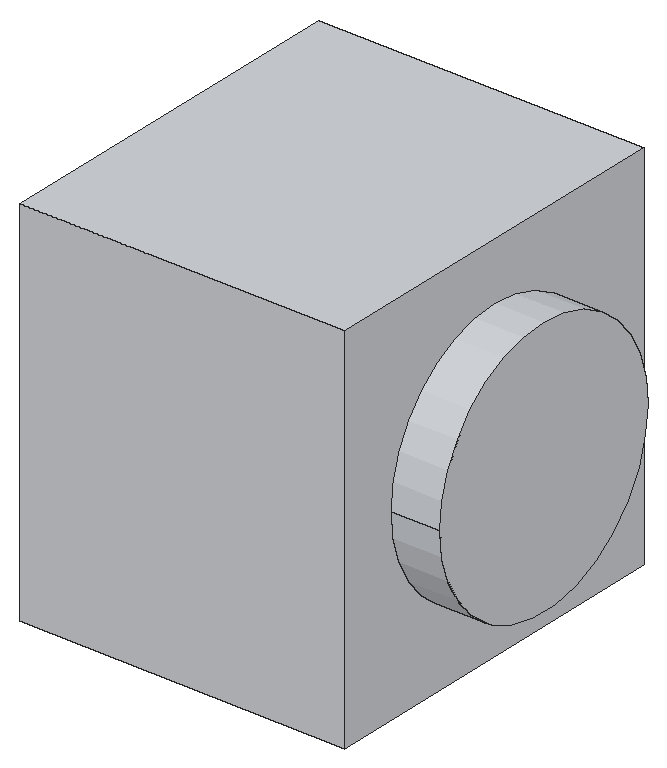
Revit family "M_Plenum de saída VAV - Transição", category Conexões de duto, Revit 2019
Family settings
  Cota do conector redondo = Usar raio
  Tipo de parte = Transição
  Número OmniClass = 23.75.70.11.14.24
  Título OmniClass = Air Mixers
  ID de item do Seek = VAV Outlet Plenum - Transition-0000-CAN-ENU
  Com base no plano de trabalho = Não
  Sempre na vertical = Sim
  Corte com vazios quando carregada = Não
  Compartilhado = Não
Parameters (values of type "Padrão")
  Queda de pressão = 2.4884 Pa
  Largura do plenum = Largura do duto + 38.1 mm  # 288.1 mm
  Material do plenum = none
  Comprimento do plenum = 250 mm
  Altura do plenum = Altura do duto + 38.1 mm  # 288.1 mm
  Fluxo = 141.584 L/s
  Largura do duto = 250 mm
  Raio do duto = 100 mm
  Altura do duto = 250 mm
  Diâmetro do duto = Raio do duto * 2  # 200 mm
Reference planes
  plane 1 "Centro (Frente/Trás)": y = 0
  plane 2: z = 0
  plane 3 "Centro (Esquerda/Direita)": x = 0
  plane 4: x = 12.7
  plane 5: x = 262.7
  plane 6: x = 300.8
  plane 7: y = 144.05
  plane 8: y = -144.05
  plane 9: z = 144.05
  plane 10: z = -144.05
Forms (mm)
  Extrusion 1, solid, material <- "Material do plenum"
    sketch origin (0, 0, 0) x (1, 0, 0) y (0, 1, 0)
      loop
        line (12.7, 144.05) -> (12.7, -144.05) -> (262.7, -144.05) -> (262.7, 144.05) -> (12.7, 144.05)
    from -144.05 to 144.05
  Extrusion 2, solid, material <- "Material do plenum"
    sketch origin (0, 0, 0) x (0, 1, 0) y (0, 0, 1)
      loop
        line (125, 125) -> (-125, 125) -> (-125, -125) -> (125, -125) -> (125, 125)
    from 12.7 to 0
  Extrusion 3, solid, material <- "Material do plenum"
    sketch origin (0, 0, 0) x (0, 1, 0) y (0, 0, 1)
      loop
        circle (0, 0) r 100
    from 300.8 to 262.7
Dimensions and locks
  locked: plane 3 "Centro (Esquerda/Direita)" to plane 4 at 12.7
  "Comprimento do plenum": plane 4 to plane 5
  locked: plane 5 to plane 6 at 38.1
  equal spacing: plane 7, plane 1 "Centro (Frente/Trás)", plane 8
  "Largura do plenum": plane 7 to plane 8
  equal spacing: plane 9, plane 2, plane 10
  "Altura do plenum": plane 9 to plane 10
  equal spacing: Extrusion 2 sketch curve, plane 1 "Centro (Frente/Trás)", Extrusion 2 sketch curve
  "Largura do duto": Extrusion 2 sketch curve to Extrusion 2 sketch curve
  equal spacing: Extrusion 2 sketch curve, plane 2, Extrusion 2 sketch curve
  "Altura do duto": Extrusion 2 sketch curve to Extrusion 2 sketch curve
  "Raio do duto": radius of Extrusion 3 sketch curve
  aligned and locked: plane 2 to level
  aligned and locked: Extrusion 1 sketch curve to plane 7
  aligned and locked: plane 4 to Extrusion 1 sketch curve
  aligned and locked: Extrusion 1 sketch curve to plane 8
  aligned and locked: Extrusion 1 sketch curve to plane 5
  aligned and locked: Extrusion 1 to plane 10
  aligned and locked: plane 9 to Extrusion 1
  aligned and locked: plane 2 to Extrusion 3 sketch curve
  aligned and locked: plane 1 "Centro (Frente/Trás)" to Extrusion 3 sketch curve
  aligned and locked: plane 4 to Extrusion 2
  aligned and locked: Extrusion 2 to plane 3 "Centro (Esquerda/Direita)"
  aligned and locked: Extrusion 3 to plane 5
  aligned and locked: plane 6 to Extrusion 3
Connectors
  hvac at (0, 0, 0), driven by "Altura do duto", driven by "Largura do duto"
    settings: on Extrusion 2, index 1, duct flow 0.0 L/s, flow factor 0, pres drop 0.0 Pa, loss coef 0, conn angle 0.00°, conn width 250 mm, conn height 250 mm, conn diameter 609.6 mm, duct sys type 28, conn prof type 1, flow config 0, flow direction 0, loss method 0, conn ref index 2, conn util no, is conn primary yes, conn desc ""
  hvac at (300.8, 0, 0), driven by "Raio do duto"
    settings: on Extrusion 3, index 2, duct flow 0.0 L/s, flow factor 0, pres drop 0.0 Pa, loss coef 0, conn angle 0.00°, conn width 304.8 mm, conn height 304.8 mm, conn diameter 200 mm, duct sys type 28, conn prof type 0, flow config 0, flow direction 0, loss method 0, conn ref index 1, conn util no, is conn primary no, conn desc ""
Types in the file's own list only (151): name | Queda de pressão | Largura do plenum | Comprimento do plenum | Altura do plenum | Fluxo | Largura do duto | Raio do duto | Altura do duto | Diâmetro do duto
  250x250-125 | 2.5 Pa | 288 mm | 250 mm | 288 mm | 141.6 L/s | 250 mm | 63 mm | 250 mm | 125 mm
  250x250-150 | 2.5 Pa | 288 mm | 250 mm | 288 mm | 141.6 L/s | 250 mm | 75 mm | 250 mm | 150 mm
  250x250-200 | 2.5 Pa | 288 mm | 250 mm | 288 mm | 141.6 L/s | 250 mm | 100 mm | 250 mm | 200 mm
  300x250-125 | 2.5 Pa | 338 mm | 250 mm | 288 mm | 141.6 L/s | 300 mm | 63 mm | 250 mm | 125 mm
  300x250-150 | 2.5 Pa | 338 mm | 250 mm | 288 mm | 141.6 L/s | 300 mm | 75 mm | 250 mm | 150 mm
  300x250-200 | 2.5 Pa | 338 mm | 250 mm | 288 mm | 141.6 L/s | 300 mm | 100 mm | 250 mm | 200 mm
  350x250-125 | 2.5 Pa | 388 mm | 250 mm | 288 mm | 141.6 L/s | 350 mm | 63 mm | 250 mm | 125 mm
  350x250-150 | 2.5 Pa | 388 mm | 250 mm | 288 mm | 141.6 L/s | 350 mm | 75 mm | 250 mm | 150 mm
  350x250-200 | 2.5 Pa | 388 mm | 250 mm | 288 mm | 141.6 L/s | 350 mm | 100 mm | 250 mm | 200 mm
  400x250-125 | 2.5 Pa | 438 mm | 250 mm | 288 mm | 141.6 L/s | 400 mm | 63 mm | 250 mm | 125 mm
  400x250-150 | 2.5 Pa | 438 mm | 250 mm | 288 mm | 141.6 L/s | 400 mm | 75 mm | 250 mm | 150 mm
  400x250-200 | 2.5 Pa | 438 mm | 250 mm | 288 mm | 141.6 L/s | 400 mm | 100 mm | 250 mm | 200 mm
  450x250-125 | 2.5 Pa | 488 mm | 250 mm | 288 mm | 141.6 L/s | 450 mm | 63 mm | 250 mm | 125 mm
  450x250-150 | 2.5 Pa | 488 mm | 250 mm | 288 mm | 141.6 L/s | 450 mm | 75 mm | 250 mm | 150 mm
  450x250-200 | 2.5 Pa | 488 mm | 250 mm | 288 mm | 141.6 L/s | 450 mm | 100 mm | 250 mm | 200 mm
  500x250-150 | 2.5 Pa | 538 mm | 250 mm | 288 mm | 141.6 L/s | 500 mm | 75 mm | 250 mm | 150 mm
  500x250-200 | 2.5 Pa | 538 mm | 250 mm | 288 mm | 141.6 L/s | 500 mm | 100 mm | 250 mm | 200 mm
  550x250-150 | 2.5 Pa | 588 mm | 250 mm | 288 mm | 141.6 L/s | 550 mm | 75 mm | 250 mm | 150 mm
  550x250-200 | 2.5 Pa | 588 mm | 250 mm | 288 mm | 141.6 L/s | 550 mm | 100 mm | 250 mm | 200 mm
  300x300-150 | 2.5 Pa | 338 mm | 300 mm | 338 mm | 141.6 L/s | 300 mm | 75 mm | 300 mm | 150 mm
  350x300-200 | 2.5 Pa | 388 mm | 300 mm | 338 mm | 141.6 L/s | 350 mm | 100 mm | 300 mm | 200 mm
  350x300-250 | 2.5 Pa | 388 mm | 300 mm | 338 mm | 141.6 L/s | 350 mm | 125 mm | 300 mm | 250 mm
  350x300-150 | 2.5 Pa | 388 mm | 300 mm | 338 mm | 141.6 L/s | 350 mm | 75 mm | 300 mm | 150 mm
  400x300-150 | 2.5 Pa | 438 mm | 300 mm | 338 mm | 141.6 L/s | 400 mm | 75 mm | 300 mm | 150 mm
  400x300-200 | 2.5 Pa | 438 mm | 300 mm | 338 mm | 141.6 L/s | 400 mm | 100 mm | 300 mm | 200 mm
  400x300-250 | 2.5 Pa | 438 mm | 300 mm | 338 mm | 141.6 L/s | 400 mm | 125 mm | 300 mm | 250 mm
  450x300-200 | 2.5 Pa | 488 mm | 300 mm | 338 mm | 141.6 L/s | 450 mm | 100 mm | 300 mm | 200 mm
  450x300-250 | 2.5 Pa | 488 mm | 300 mm | 338 mm | 141.6 L/s | 450 mm | 125 mm | 300 mm | 250 mm
  500x300-200 | 2.5 Pa | 538 mm | 300 mm | 338 mm | 141.6 L/s | 500 mm | 100 mm | 300 mm | 200 mm
  500x300-250 | 2.5 Pa | 538 mm | 300 mm | 338 mm | 141.6 L/s | 500 mm | 125 mm | 300 mm | 250 mm
  550x300-200 | 2.5 Pa | 588 mm | 300 mm | 338 mm | 141.6 L/s | 550 mm | 100 mm | 300 mm | 200 mm
  550x300-250 | 2.5 Pa | 588 mm | 300 mm | 338 mm | 141.6 L/s | 550 mm | 125 mm | 300 mm | 250 mm
  600x300-250 | 2.5 Pa | 638 mm | 300 mm | 338 mm | 141.6 L/s | 600 mm | 125 mm | 300 mm | 250 mm
  700x300-250 | 2.5 Pa | 738 mm | 300 mm | 338 mm | 141.6 L/s | 700 mm | 125 mm | 300 mm | 250 mm
  250x350-200 | 2.5 Pa | 288 mm | 350 mm | 388 mm | 141.6 L/s | 250 mm | 100 mm | 350 mm | 200 mm
  250x350-250 | 2.5 Pa | 288 mm | 350 mm | 388 mm | 141.6 L/s | 250 mm | 125 mm | 350 mm | 250 mm
  250x350-300 | 2.5 Pa | 288 mm | 350 mm | 388 mm | 141.6 L/s | 250 mm | 150 mm | 350 mm | 300 mm
  300x350-200 | 2.5 Pa | 338 mm | 350 mm | 388 mm | 141.6 L/s | 300 mm | 100 mm | 350 mm | 200 mm
  300x350-250 | 2.5 Pa | 338 mm | 350 mm | 388 mm | 141.6 L/s | 300 mm | 125 mm | 350 mm | 250 mm
  300x350-300 | 2.5 Pa | 338 mm | 350 mm | 388 mm | 141.6 L/s | 300 mm | 150 mm | 350 mm | 300 mm
  350x350-200 | 2.5 Pa | 388 mm | 350 mm | 388 mm | 141.6 L/s | 350 mm | 100 mm | 350 mm | 200 mm
  350x350-250 | 2.5 Pa | 388 mm | 350 mm | 388 mm | 141.6 L/s | 350 mm | 125 mm | 350 mm | 250 mm
  350x350-300 | 2.5 Pa | 388 mm | 350 mm | 388 mm | 141.6 L/s | 350 mm | 150 mm | 350 mm | 300 mm
  400x350-200 | 2.5 Pa | 438 mm | 350 mm | 388 mm | 141.6 L/s | 400 mm | 100 mm | 350 mm | 200 mm
  400x350-250 | 2.5 Pa | 438 mm | 350 mm | 388 mm | 141.6 L/s | 400 mm | 125 mm | 350 mm | 250 mm
  400x350-300 | 2.5 Pa | 438 mm | 350 mm | 388 mm | 141.6 L/s | 400 mm | 150 mm | 350 mm | 300 mm
  450x350-200 | 2.5 Pa | 488 mm | 350 mm | 388 mm | 141.6 L/s | 450 mm | 100 mm | 350 mm | 200 mm
  450x350-250 | 2.5 Pa | 488 mm | 350 mm | 388 mm | 141.6 L/s | 450 mm | 125 mm | 350 mm | 250 mm
  450x350-300 | 2.5 Pa | 488 mm | 350 mm | 388 mm | 141.6 L/s | 450 mm | 150 mm | 350 mm | 300 mm
  500x350-200 | 2.5 Pa | 538 mm | 350 mm | 388 mm | 141.6 L/s | 500 mm | 100 mm | 350 mm | 200 mm
  500x350-250 | 2.5 Pa | 538 mm | 350 mm | 388 mm | 141.6 L/s | 500 mm | 125 mm | 350 mm | 250 mm
  500x350-300 | 2.5 Pa | 538 mm | 350 mm | 388 mm | 141.6 L/s | 500 mm | 150 mm | 350 mm | 300 mm
  550x350-200 | 2.5 Pa | 588 mm | 350 mm | 388 mm | 141.6 L/s | 550 mm | 100 mm | 350 mm | 200 mm
  550x350-250 | 2.5 Pa | 588 mm | 350 mm | 388 mm | 141.6 L/s | 550 mm | 125 mm | 350 mm | 250 mm
  550x350-300 | 2.5 Pa | 588 mm | 350 mm | 388 mm | 141.6 L/s | 550 mm | 150 mm | 350 mm | 300 mm
  600x350-250 | 2.5 Pa | 638 mm | 350 mm | 388 mm | 141.6 L/s | 600 mm | 125 mm | 350 mm | 250 mm
  600x350-300 | 2.5 Pa | 638 mm | 350 mm | 388 mm | 141.6 L/s | 600 mm | 150 mm | 350 mm | 300 mm
  650x350-250 | 2.5 Pa | 688 mm | 350 mm | 388 mm | 141.6 L/s | 650 mm | 125 mm | 350 mm | 250 mm
  650x350-300 | 2.5 Pa | 688 mm | 350 mm | 388 mm | 141.6 L/s | 650 mm | 150 mm | 350 mm | 300 mm
  700x350-250 | 2.5 Pa | 738 mm | 350 mm | 388 mm | 141.6 L/s | 700 mm | 125 mm | 350 mm | 250 mm
  700x350-300 | 2.5 Pa | 738 mm | 350 mm | 388 mm | 141.6 L/s | 700 mm | 150 mm | 350 mm | 300 mm
  750x350-300 | 2.5 Pa | 788 mm | 350 mm | 388 mm | 141.6 L/s | 750 mm | 150 mm | 350 mm | 300 mm
  800x350-300 | 2.5 Pa | 838 mm | 350 mm | 388 mm | 141.6 L/s | 800 mm | 150 mm | 350 mm | 300 mm
  850x350-300 | 2.5 Pa | 888 mm | 350 mm | 388 mm | 141.6 L/s | 850 mm | 150 mm | 350 mm | 300 mm
  300x400-250 | 2.5 Pa | 338 mm | 400 mm | 438 mm | 141.6 L/s | 300 mm | 125 mm | 400 mm | 250 mm
  350x400-250 | 2.5 Pa | 388 mm | 400 mm | 438 mm | 141.6 L/s | 350 mm | 125 mm | 400 mm | 250 mm
  350x400-300 | 2.5 Pa | 388 mm | 400 mm | 438 mm | 141.6 L/s | 350 mm | 150 mm | 400 mm | 300 mm
  400x400-250 | 2.5 Pa | 438 mm | 400 mm | 438 mm | 141.6 L/s | 400 mm | 125 mm | 400 mm | 250 mm
  400x400-300 | 2.5 Pa | 438 mm | 400 mm | 438 mm | 141.6 L/s | 400 mm | 150 mm | 400 mm | 300 mm
  400x400-350 | 2.5 Pa | 438 mm | 400 mm | 438 mm | 141.6 L/s | 400 mm | 175 mm | 400 mm | 350 mm
  450x400-250 | 2.5 Pa | 488 mm | 400 mm | 438 mm | 141.6 L/s | 450 mm | 125 mm | 400 mm | 250 mm
  450x400-300 | 2.5 Pa | 488 mm | 400 mm | 438 mm | 141.6 L/s | 450 mm | 150 mm | 400 mm | 300 mm
  450x400-350 | 2.5 Pa | 488 mm | 400 mm | 438 mm | 141.6 L/s | 450 mm | 175 mm | 400 mm | 350 mm
  500x400-250 | 2.5 Pa | 538 mm | 400 mm | 438 mm | 141.6 L/s | 500 mm | 125 mm | 400 mm | 250 mm
  500x400-300 | 2.5 Pa | 538 mm | 400 mm | 438 mm | 141.6 L/s | 500 mm | 150 mm | 400 mm | 300 mm
  500x400-350 | 2.5 Pa | 538 mm | 400 mm | 438 mm | 141.6 L/s | 500 mm | 175 mm | 400 mm | 350 mm
  550x400-250 | 2.5 Pa | 588 mm | 400 mm | 438 mm | 141.6 L/s | 550 mm | 125 mm | 400 mm | 250 mm
  550x400-300 | 2.5 Pa | 588 mm | 400 mm | 438 mm | 141.6 L/s | 550 mm | 150 mm | 400 mm | 300 mm
  550x400-350 | 2.5 Pa | 588 mm | 400 mm | 438 mm | 141.6 L/s | 550 mm | 175 mm | 400 mm | 350 mm
  600x400-250 | 2.5 Pa | 638 mm | 400 mm | 438 mm | 141.6 L/s | 600 mm | 125 mm | 400 mm | 250 mm
  600x400-300 | 2.5 Pa | 638 mm | 400 mm | 438 mm | 141.6 L/s | 600 mm | 150 mm | 400 mm | 300 mm
  600x400-350 | 2.5 Pa | 638 mm | 400 mm | 438 mm | 141.6 L/s | 600 mm | 175 mm | 400 mm | 350 mm
  650x400-250 | 2.5 Pa | 688 mm | 400 mm | 438 mm | 141.6 L/s | 650 mm | 125 mm | 400 mm | 250 mm
  650x400-300 | 2.5 Pa | 688 mm | 400 mm | 438 mm | 141.6 L/s | 650 mm | 150 mm | 400 mm | 300 mm
  650x400-350 | 2.5 Pa | 688 mm | 400 mm | 438 mm | 141.6 L/s | 650 mm | 175 mm | 400 mm | 350 mm
  700x400-250 | 2.5 Pa | 738 mm | 400 mm | 438 mm | 141.6 L/s | 700 mm | 125 mm | 400 mm | 250 mm
  700x400-300 | 2.5 Pa | 738 mm | 400 mm | 438 mm | 141.6 L/s | 700 mm | 150 mm | 400 mm | 300 mm
  700x400-350 | 2.5 Pa | 738 mm | 400 mm | 438 mm | 141.6 L/s | 700 mm | 175 mm | 400 mm | 350 mm
  750x400-350 | 2.5 Pa | 788 mm | 400 mm | 438 mm | 141.6 L/s | 750 mm | 175 mm | 400 mm | 350 mm
  800x400-300 | 2.5 Pa | 838 mm | 400 mm | 438 mm | 141.6 L/s | 800 mm | 150 mm | 400 mm | 300 mm
  800x400-350 | 2.5 Pa | 838 mm | 400 mm | 438 mm | 141.6 L/s | 800 mm | 175 mm | 400 mm | 350 mm
  850x400-300 | 2.5 Pa | 888 mm | 400 mm | 438 mm | 141.6 L/s | 850 mm | 150 mm | 400 mm | 300 mm
  850x400-350 | 2.5 Pa | 888 mm | 400 mm | 438 mm | 141.6 L/s | 850 mm | 175 mm | 400 mm | 350 mm
  900x400-350 | 2.5 Pa | 938 mm | 400 mm | 438 mm | 141.6 L/s | 900 mm | 175 mm | 400 mm | 350 mm
  950x400-350 | 2.5 Pa | 988 mm | 400 mm | 438 mm | 141.6 L/s | 950 mm | 175 mm | 400 mm | 350 mm
  1000x400-350 | 2.5 Pa | 1038 mm | 400 mm | 438 mm | 141.6 L/s | 1000 mm | 175 mm | 400 mm | 350 mm
  300x450-300 | 2.5 Pa | 338 mm | 450 mm | 488 mm | 141.6 L/s | 300 mm | 150 mm | 450 mm | 300 mm
  350x450-300 | 2.5 Pa | 388 mm | 450 mm | 488 mm | 141.6 L/s | 350 mm | 150 mm | 450 mm | 300 mm
  350x450-350 | 2.5 Pa | 388 mm | 450 mm | 488 mm | 141.6 L/s | 350 mm | 175 mm | 450 mm | 350 mm
  400x450-300 | 2.5 Pa | 438 mm | 450 mm | 488 mm | 141.6 L/s | 400 mm | 150 mm | 450 mm | 300 mm
  400x450-350 | 2.5 Pa | 438 mm | 450 mm | 488 mm | 141.6 L/s | 400 mm | 175 mm | 450 mm | 350 mm
  400x450-400 | 2.5 Pa | 438 mm | 450 mm | 488 mm | 141.6 L/s | 400 mm | 200 mm | 450 mm | 400 mm
  450x450-300 | 2.5 Pa | 488 mm | 450 mm | 488 mm | 141.6 L/s | 450 mm | 150 mm | 450 mm | 300 mm
  450x450-350 | 2.5 Pa | 488 mm | 450 mm | 488 mm | 141.6 L/s | 450 mm | 175 mm | 450 mm | 350 mm
  450x450-400 | 2.5 Pa | 488 mm | 450 mm | 488 mm | 141.6 L/s | 450 mm | 200 mm | 450 mm | 400 mm
  450x450-450 | 2.5 Pa | 488 mm | 450 mm | 488 mm | 141.6 L/s | 450 mm | 225 mm | 450 mm | 450 mm
  500x450-300 | 2.5 Pa | 538 mm | 450 mm | 488 mm | 141.6 L/s | 500 mm | 150 mm | 450 mm | 300 mm
  500x450-350 | 2.5 Pa | 538 mm | 450 mm | 488 mm | 141.6 L/s | 500 mm | 175 mm | 450 mm | 350 mm
  500x450-400 | 2.5 Pa | 538 mm | 450 mm | 488 mm | 141.6 L/s | 500 mm | 200 mm | 450 mm | 400 mm
  500x450-450 | 2.5 Pa | 538 mm | 450 mm | 488 mm | 141.6 L/s | 500 mm | 225 mm | 450 mm | 450 mm
  550x450-300 | 2.5 Pa | 588 mm | 450 mm | 488 mm | 141.6 L/s | 550 mm | 150 mm | 450 mm | 300 mm
  550x450-350 | 2.5 Pa | 588 mm | 450 mm | 488 mm | 141.6 L/s | 550 mm | 175 mm | 450 mm | 350 mm
  550x450-400 | 2.5 Pa | 588 mm | 450 mm | 488 mm | 141.6 L/s | 550 mm | 200 mm | 450 mm | 400 mm
  550x450-450 | 2.5 Pa | 588 mm | 450 mm | 488 mm | 141.6 L/s | 550 mm | 225 mm | 450 mm | 450 mm
  600x450-300 | 2.5 Pa | 638 mm | 450 mm | 488 mm | 141.6 L/s | 600 mm | 150 mm | 450 mm | 300 mm
  600x450-350 | 2.5 Pa | 638 mm | 450 mm | 488 mm | 141.6 L/s | 600 mm | 175 mm | 450 mm | 350 mm
  600x450-400 | 2.5 Pa | 638 mm | 450 mm | 488 mm | 141.6 L/s | 600 mm | 200 mm | 450 mm | 400 mm
  600x450-450 | 2.5 Pa | 638 mm | 450 mm | 488 mm | 141.6 L/s | 600 mm | 225 mm | 450 mm | 450 mm
  650x450-300 | 2.5 Pa | 688 mm | 450 mm | 488 mm | 141.6 L/s | 650 mm | 150 mm | 450 mm | 300 mm
  650x450-350 | 2.5 Pa | 688 mm | 450 mm | 488 mm | 141.6 L/s | 650 mm | 175 mm | 450 mm | 350 mm
  650x450-400 | 2.5 Pa | 688 mm | 450 mm | 488 mm | 141.6 L/s | 650 mm | 200 mm | 450 mm | 400 mm
  650x450-450 | 2.5 Pa | 688 mm | 450 mm | 488 mm | 141.6 L/s | 650 mm | 225 mm | 450 mm | 450 mm
  700x450-300 | 2.5 Pa | 738 mm | 450 mm | 488 mm | 141.6 L/s | 700 mm | 150 mm | 450 mm | 300 mm
  700x450-350 | 2.5 Pa | 738 mm | 450 mm | 488 mm | 141.6 L/s | 700 mm | 175 mm | 450 mm | 350 mm
  700x450-400 | 2.5 Pa | 738 mm | 450 mm | 488 mm | 141.6 L/s | 700 mm | 200 mm | 450 mm | 400 mm
  700x450-450 | 2.5 Pa | 738 mm | 450 mm | 488 mm | 141.6 L/s | 700 mm | 225 mm | 450 mm | 450 mm
  750x450-300 | 2.5 Pa | 788 mm | 450 mm | 488 mm | 141.6 L/s | 750 mm | 150 mm | 450 mm | 300 mm
  750x450-350 | 2.5 Pa | 788 mm | 450 mm | 488 mm | 141.6 L/s | 750 mm | 175 mm | 450 mm | 350 mm
  750x450-400 | 2.5 Pa | 788 mm | 450 mm | 488 mm | 141.6 L/s | 750 mm | 200 mm | 450 mm | 400 mm
  750x450-450 | 2.5 Pa | 788 mm | 450 mm | 488 mm | 141.6 L/s | 750 mm | 225 mm | 450 mm | 450 mm
  800x450-300 | 2.5 Pa | 838 mm | 450 mm | 488 mm | 141.6 L/s | 800 mm | 150 mm | 450 mm | 300 mm
  800x450-350 | 2.5 Pa | 838 mm | 450 mm | 488 mm | 141.6 L/s | 800 mm | 175 mm | 450 mm | 350 mm
  800x450-400 | 2.5 Pa | 838 mm | 450 mm | 488 mm | 141.6 L/s | 800 mm | 200 mm | 450 mm | 400 mm
  800x450-450 | 2.5 Pa | 838 mm | 450 mm | 488 mm | 141.6 L/s | 800 mm | 225 mm | 450 mm | 450 mm
  850x450-300 | 2.5 Pa | 888 mm | 450 mm | 488 mm | 141.6 L/s | 850 mm | 150 mm | 450 mm | 300 mm
  850x450-350 | 2.5 Pa | 888 mm | 450 mm | 488 mm | 141.6 L/s | 850 mm | 175 mm | 450 mm | 350 mm
  850x450-400 | 2.5 Pa | 888 mm | 450 mm | 488 mm | 141.6 L/s | 850 mm | 200 mm | 450 mm | 400 mm
  850x450-450 | 2.5 Pa | 888 mm | 450 mm | 488 mm | 141.6 L/s | 850 mm | 225 mm | 450 mm | 450 mm
  900x450-350 | 2.5 Pa | 938 mm | 450 mm | 488 mm | 141.6 L/s | 900 mm | 175 mm | 450 mm | 350 mm
  900x450-400 | 2.5 Pa | 938 mm | 450 mm | 488 mm | 141.6 L/s | 900 mm | 200 mm | 450 mm | 400 mm
  900x450-450 | 2.5 Pa | 938 mm | 450 mm | 488 mm | 141.6 L/s | 900 mm | 225 mm | 450 mm | 450 mm
  950x450-350 | 2.5 Pa | 988 mm | 450 mm | 488 mm | 141.6 L/s | 950 mm | 175 mm | 450 mm | 350 mm
  950x450-400 | 2.5 Pa | 988 mm | 450 mm | 488 mm | 141.6 L/s | 950 mm | 200 mm | 450 mm | 400 mm
  950x450-450 | 2.5 Pa | 988 mm | 450 mm | 488 mm | 141.6 L/s | 950 mm | 225 mm | 450 mm | 450 mm
  1000x450-350 | 2.5 Pa | 1038 mm | 450 mm | 488 mm | 141.6 L/s | 1000 mm | 175 mm | 450 mm | 350 mm
  1000x450-400 | 2.5 Pa | 1038 mm | 450 mm | 488 mm | 141.6 L/s | 1000 mm | 200 mm | 450 mm | 400 mm
  1000x450-450 | 2.5 Pa | 1038 mm | 450 mm | 488 mm | 141.6 L/s | 1000 mm | 225 mm | 450 mm | 450 mm
  1050x450-400 | 2.5 Pa | 1088 mm | 450 mm | 488 mm | 141.6 L/s | 1050 mm | 200 mm | 450 mm | 400 mm
  1050x450-450 | 2.5 Pa | 1088 mm | 450 mm | 488 mm | 141.6 L/s | 1050 mm | 225 mm | 450 mm | 450 mm
  1100x450-400 | 2.5 Pa | 1138 mm | 450 mm | 488 mm | 141.6 L/s | 1100 mm | 200 mm | 450 mm | 400 mm
  1100x450-450 | 2.5 Pa | 1138 mm | 450 mm | 488 mm | 141.6 L/s | 1100 mm | 225 mm | 450 mm | 450 mm
